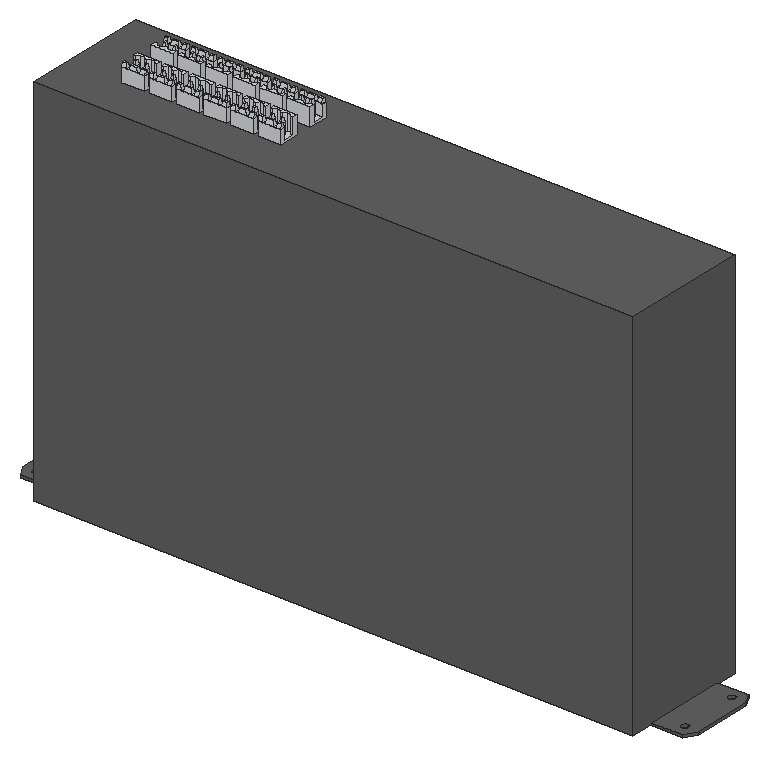
Revit family "БП24.220.350_RV17_LOD400 (05.11.23)", category Электрооборудование, Revit 2017 (continued)
Automatic sketch dimensions
  Extrusion 126 sketch curve to Extrusion 126 sketch curve = 1.208 mm  (x2)
  Extrusion 126 sketch curve to Extrusion 126 sketch curve = 3.236 mm
  plane 1 "По центру (Вперед/Назад)" to Extrusion 126 sketch curve = 4.322 mm
  Extrusion 126 sketch curve to Extrusion 126 sketch curve = 0 mm
  Extrusion 126 sketch curve to Extrusion 126 sketch curve = 1.371 mm  (x2)
  Extrusion 126 sketch curve to Extrusion 126 sketch curve = 1.772 mm
  Extrusion 126 sketch curve to Extrusion 126 sketch curve = 1.603 mm
  Extrusion 127 sketch curve to plane 3 "По центру (Влево/Вправо)" = 50.426 mm
  Extrusion 127 sketch curve to Extrusion 127 sketch curve = 10 mm
  plane 1 "По центру (Вперед/Назад)" to Extrusion 127 sketch curve = 0.469 mm
  Extrusion 127 sketch curve to Extrusion 127 sketch curve = 8.6 mm
  Blend 128 sketch curve to plane 3 "По центру (Влево/Вправо)" = 52.599 mm
  Blend 128 sketch curve to Blend 128 sketch curve = 1.208 mm
  plane 1 "По центру (Вперед/Назад)" to Blend 128 sketch curve = 4.322 mm
  Blend 128 sketch curve to Blend 128 sketch curve = 1.371 mm
  Blend 128 sketch curve to plane 3 "По центру (Влево/Вправо)" = 52.831 mm
  Blend 128 sketch curve to Blend 128 sketch curve = 0.786 mm
  plane 1 "По центру (Вперед/Назад)" to Blend 128 sketch curve = 4.605 mm
  Blend 128 sketch curve to Blend 128 sketch curve = 0.804 mm
  Blend 129 sketch curve to plane 3 "По центру (Влево/Вправо)" = 57.043 mm
  Blend 129 sketch curve to Blend 129 sketch curve = 1.208 mm
  plane 1 "По центру (Вперед/Назад)" to Blend 129 sketch curve = 4.322 mm
  Blend 129 sketch curve to Blend 129 sketch curve = 1.371 mm
  Blend 129 sketch curve to plane 3 "По центру (Влево/Вправо)" = 57.275 mm
  Blend 129 sketch curve to Blend 129 sketch curve = 0.786 mm
  plane 1 "По центру (Вперед/Назад)" to Blend 129 sketch curve = 4.605 mm
  Blend 129 sketch curve to Blend 129 sketch curve = 0.804 mm
  Blend 130 sketch curve to plane 3 "По центру (Влево/Вправо)" = 53.68 mm
  Blend 130 sketch curve to Blend 130 sketch curve = 3.581 mm
  plane 1 "По центру (Вперед/Назад)" to Blend 130 sketch curve = 7.465 mm
  Blend 130 sketch curve to Blend 130 sketch curve = 1.603 mm
  Blend 130 sketch curve to plane 3 "По центру (Влево/Вправо)" = 54.112 mm
  Blend 130 sketch curve to Blend 130 sketch curve = 2.818 mm
  plane 1 "По центру (Вперед/Назад)" to Blend 130 sketch curve = 7.902 mm
  Blend 130 sketch curve to Blend 130 sketch curve = 0.782 mm
  Blend 131 sketch curve to plane 3 "По центру (Влево/Вправо)" = 58.39 mm
  Blend 131 sketch curve to Blend 131 sketch curve = 2.035 mm
  plane 1 "По центру (Вперед/Назад)" to Blend 131 sketch curve = 7.465 mm
  Blend 131 sketch curve to Blend 131 sketch curve = 1.603 mm
  Blend 131 sketch curve to plane 3 "По центру (Влево/Вправо)" = 58.754 mm
  Blend 131 sketch curve to Blend 131 sketch curve = 1.672 mm
  plane 1 "По центру (Вперед/Назад)" to Blend 131 sketch curve = 7.852 mm
  Blend 131 sketch curve to Blend 131 sketch curve = 0.839 mm
  Blend 132 sketch curve to plane 3 "По центру (Влево/Вправо)" = 52.552 mm
  Blend 132 sketch curve to Blend 132 sketch curve = 2.035 mm
  plane 1 "По центру (Вперед/Назад)" to Blend 132 sketch curve = 9.069 mm
  Blend 132 sketch curve to Blend 132 sketch curve = 1.603 mm
  Blend 132 sketch curve to plane 3 "По центру (Влево/Вправо)" = 52.189 mm
  Blend 132 sketch curve to Blend 132 sketch curve = 1.672 mm
  plane 1 "По центру (Вперед/Назад)" to Blend 132 sketch curve = 8.691 mm
  Blend 132 sketch curve to Blend 132 sketch curve = 0.839 mm
  Extrusion 133 sketch curve to plane 3 "По центру (Влево/Вправо)" = 38.377 mm
  Extrusion 133 sketch curve to Extrusion 133 sketch curve = 0.875 mm  (x2)
  Extrusion 133 sketch curve to Extrusion 133 sketch curve = 0.964 mm  (x7)
  Extrusion 133 sketch curve to Extrusion 133 sketch curve = 1.76 mm  (x2)
  Extrusion 133 sketch curve to Extrusion 133 sketch curve = 1.839 mm
  plane 1 "По центру (Вперед/Назад)" to Extrusion 133 sketch curve = 0.469 mm
  Extrusion 133 sketch curve to Extrusion 133 sketch curve = 1.018 mm  (x2)
  Extrusion 134 sketch curve to plane 3 "По центру (Влево/Вправо)" = 38.377 mm
  Extrusion 134 sketch curve to Extrusion 134 sketch curve = 2.174 mm  (x2)
  Extrusion 134 sketch curve to Extrusion 134 sketch curve = 1.208 mm  (x2)
  Extrusion 134 sketch curve to Extrusion 134 sketch curve = 3.236 mm
  plane 1 "По центру (Вперед/Назад)" to Extrusion 134 sketch curve = 4.322 mm
  Extrusion 134 sketch curve to Extrusion 134 sketch curve = 0 mm
  Extrusion 134 sketch curve to Extrusion 134 sketch curve = 1.371 mm  (x2)
  Extrusion 134 sketch curve to Extrusion 134 sketch curve = 1.772 mm
  Extrusion 134 sketch curve to Extrusion 134 sketch curve = 1.603 mm
  Extrusion 135 sketch curve to plane 3 "По центру (Влево/Вправо)" = 38.377 mm
  Extrusion 135 sketch curve to Extrusion 135 sketch curve = 10 mm
  plane 1 "По центру (Вперед/Назад)" to Extrusion 135 sketch curve = 0.469 mm
  Extrusion 135 sketch curve to Extrusion 135 sketch curve = 8.6 mm
  Blend 136 sketch curve to plane 3 "По центру (Влево/Вправо)" = 40.551 mm
  Blend 136 sketch curve to Blend 136 sketch curve = 1.208 mm
  plane 1 "По центру (Вперед/Назад)" to Blend 136 sketch curve = 4.322 mm
  Blend 136 sketch curve to Blend 136 sketch curve = 1.371 mm
  Blend 136 sketch curve to plane 3 "По центру (Влево/Вправо)" = 40.783 mm
  Blend 136 sketch curve to Blend 136 sketch curve = 0.786 mm
  plane 1 "По центру (Вперед/Назад)" to Blend 136 sketch curve = 4.605 mm
  Blend 136 sketch curve to Blend 136 sketch curve = 0.804 mm
  Blend 137 sketch curve to plane 3 "По центру (Влево/Вправо)" = 44.995 mm
  Blend 137 sketch curve to Blend 137 sketch curve = 1.208 mm
  plane 1 "По центру (Вперед/Назад)" to Blend 137 sketch curve = 4.322 mm
  Blend 137 sketch curve to Blend 137 sketch curve = 1.371 mm
  Blend 137 sketch curve to plane 3 "По центру (Влево/Вправо)" = 45.227 mm
  Blend 137 sketch curve to Blend 137 sketch curve = 0.786 mm
  plane 1 "По центру (Вперед/Назад)" to Blend 137 sketch curve = 4.605 mm
  Blend 137 sketch curve to Blend 137 sketch curve = 0.804 mm
  Blend 138 sketch curve to plane 3 "По центру (Влево/Вправо)" = 41.632 mm
  Blend 138 sketch curve to Blend 138 sketch curve = 3.581 mm
  plane 1 "По центру (Вперед/Назад)" to Blend 138 sketch curve = 7.465 mm
  Blend 138 sketch curve to Blend 138 sketch curve = 1.603 mm
  Blend 138 sketch curve to plane 3 "По центру (Влево/Вправо)" = 42.063 mm
  Blend 138 sketch curve to Blend 138 sketch curve = 2.818 mm
  plane 1 "По центру (Вперед/Назад)" to Blend 138 sketch curve = 7.902 mm
  Blend 138 sketch curve to Blend 138 sketch curve = 0.782 mm
  Blend 139 sketch curve to plane 3 "По центру (Влево/Вправо)" = 46.342 mm
  Blend 139 sketch curve to Blend 139 sketch curve = 2.035 mm
  plane 1 "По центру (Вперед/Назад)" to Blend 139 sketch curve = 7.465 mm
  Blend 139 sketch curve to Blend 139 sketch curve = 1.603 mm
  Blend 139 sketch curve to plane 3 "По центру (Влево/Вправо)" = 46.705 mm
  Blend 139 sketch curve to Blend 139 sketch curve = 1.672 mm
  plane 1 "По центру (Вперед/Назад)" to Blend 139 sketch curve = 7.852 mm
  Blend 139 sketch curve to Blend 139 sketch curve = 0.839 mm
  Blend 140 sketch curve to plane 3 "По центру (Влево/Вправо)" = 40.503 mm
  Blend 140 sketch curve to Blend 140 sketch curve = 2.035 mm
  plane 1 "По центру (Вперед/Назад)" to Blend 140 sketch curve = 9.069 mm
  Blend 140 sketch curve to Blend 140 sketch curve = 1.603 mm
  Blend 140 sketch curve to plane 3 "По центру (Влево/Вправо)" = 40.14 mm
  Blend 140 sketch curve to Blend 140 sketch curve = 1.672 mm
  plane 1 "По центру (Вперед/Назад)" to Blend 140 sketch curve = 8.691 mm
  Blend 140 sketch curve to Blend 140 sketch curve = 0.839 mm
  radius of Extrusion 2 sketch curve = 1.6 mm  (x4)
Connectors
  electrical at (-132.5, 0, 83)
    settings: on cut or joined group 1 (Extrusion 1, Extrusion 3, Extrusion 4, Extrusion 5, Extrusion 6, Extrusion 7, Extrusion 8, Extrusion 9, Extrusion 10, Extrusion 11, Extrusion 12, Extrusion 13, Extrusion 14, Extrusion 15, Extrusion 16, Extrusion 17, Extrusion 18, Extrusion 19, Extrusion 20, Extrusion 21, Extrusion 22, Extrusion 23, Extrusion 24, Extrusion 25, Extrusion 26, Extrusion 27, Extrusion 28, Extrusion 29, Extrusion 30, Extrusion 31, Extrusion 32, Extrusion 33, Extrusion 34, Extrusion 35, Extrusion 36, Extrusion 37, Extrusion 38, Extrusion 39, Extrusion 40, Extrusion 41, Extrusion 42, Extrusion 43, Extrusion 44), index 1, voltage 0 V, apparent load 0 VA, apparent load phase1 0 VA, apparent load phase2 0 VA, apparent load phase3 0 VA, power factor 1, load classification "Прочее", number of poles 1, system type 14, power factor state 1, is connector primary yes, connector utility no, sub classification motor no, connector description ""
  cabletrayconduit at (-132.5, 0, 83), driven by "d_короба"
    settings: on cut or joined group 1, index 2, connector width 300 mm, connector height 300 mm, connector diameter 0 mm, connector angle 0.00°, system type 32, placement type 0, profile type 0, connector reference index -1, is primary connector yes, connector utility param no, connector description ""
